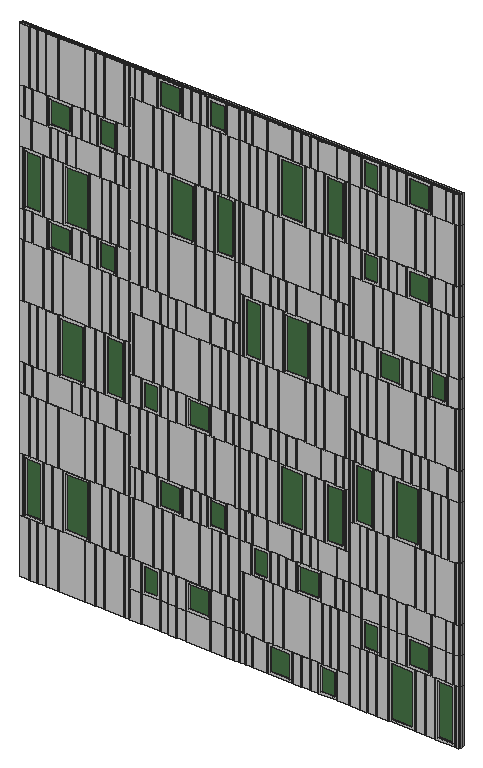
Revit family "SUR-CRV-021_FRANGIA_RFA", category Modelos genéricos, Revit 2022
Family settings
  Puede alojar armadura = No
  Cota de conector redondo = Diámetro de uso
  Tipo de pieza = Normal
  Se basa en plano de trabajo = No
  Siempre vertical = Sí
  Corte con vacíos al cargar = No
  Mantener orientación de anotación = No
  Compartido = No
  Punto de cálculo de habitación = No
Parameters
  Elevación por defecto = 0.00"
Reference planes (in)
  plane 1 "Centro (Frontal/Posterior)": y = 0
  plane 2: z = 0
  plane 3 "Centro (Izquierda/Derecha)": x = 0
Forms (in)
  Extrusion 1, solid, not visible
    sketch origin (0, 0, 0) x (1, 0, 0) y (0, 1, 0)
      loop
        line (0, -0.47244) -> (24, -0.47244) -> (24, 0) -> (0, 0) -> (0, -0.47244)
    from 0 to 12
  Extrusion 2, solid, not visible
    sketch origin (0, -0.47244, 0) x (1, 0, 0) y (0, 1, 0)
      loop
        line (0, 0) -> (0, -0.3937) -> (0.07874, -0.47244) -> (2.25414, -0.47244) -> (2.33288, -0.3937) -> (2.41162, -0.47244) -> (3.93759, -0.47244) -> (4.01633, -0.3937) -> (4.09507, -0.47244) -> (5.83148, -0.47244) -> (5.91022, -0.3937) -> (5.98896, -0.47244) -> (8.49695, -0.47244) -> (8.57569, -0.3937) -> (8.65443, -0.47244) -> (14.31889, -0.47244) -> (14.39763, -0.3937) -> (14.47637, -0.47244) -> (16.5635, -0.47244) -> (16.64224, -0.3937) -> (16.72098, -0.47244) -> (18.59767, -0.47244) -> (18.67641, -0.3937) -> (18.75515, -0.47244) -> (23.00593, -0.47244) -> (23.08467, -0.3937) -> (23.16341, -0.47244) -> (23.92126, -0.47244) -> (24, -0.3937) -> (24, 0) -> (0, 0)
    from 0 to 12
  Extrusion 3, solid, not visible
    sketch origin (0, 0, 0) x (1, 0, 0) y (0, 1, 0)
      loop
        line (0.07874, -0.94488) -> (0.19685, -1.06299) -> (2.13603, -1.06299) -> (2.25414, -0.94488) -> (0.07874, -0.94488)
      loop
        line (2.41162, -0.94488) -> (2.52973, -1.06299) -> (3.81948, -1.06299) -> (3.93759, -0.94488) -> (2.41162, -0.94488)
      loop
        line (4.09507, -0.94488) -> (4.21318, -1.06299) -> (5.71337, -1.06299) -> (5.83148, -0.94488) -> (4.09507, -0.94488)
      loop
        line (5.98896, -0.94488) -> (6.10707, -1.06299) -> (8.37884, -1.06299) -> (8.49695, -0.94488) -> (5.98896, -0.94488)
      loop
        line (8.65443, -0.94488) -> (8.77254, -1.06299) -> (14.20078, -1.06299) -> (14.31889, -0.94488) -> (8.65443, -0.94488)
      loop
        line (14.47637, -0.94488) -> (14.59448, -1.06299) -> (16.44539, -1.06299) -> (16.5635, -0.94488) -> (14.47637, -0.94488)
      loop
        line (16.72098, -0.94488) -> (16.83909, -1.06299) -> (18.47956, -1.06299) -> (18.59767, -0.94488) -> (16.72098, -0.94488)
      loop
        line (18.75515, -0.94488) -> (18.87326, -1.06299) -> (22.88782, -1.06299) -> (23.00593, -0.94488) -> (18.75515, -0.94488)
      loop
        line (23.16341, -0.94488) -> (23.28152, -1.06299) -> (23.80315, -1.06299) -> (23.92126, -0.94488) -> (23.16341, -0.94488)
    from 0 to 12
  Extrusion 4, solid, not visible
    sketch origin (0, 0, 0) x (1, 0, 0) y (0, 1, 0)
      loop
        line (0, -0.47244) -> (24, -0.47244) -> (24, 0) -> (0, 0) -> (0, -0.47244)
    from 0 to 6
  Extrusion 5, solid, not visible
    sketch origin (0, -0.47244, 0) x (1, 0, 0) y (0, 1, 0)
      loop
        line (0, 0) -> (0, -0.3937) -> (0.07874, -0.47244) -> (1.21337, -0.47244) -> (1.29211, -0.3937) -> (1.37085, -0.47244) -> (2.8643, -0.47244) -> (2.94304, -0.3937) -> (3.02178, -0.47244) -> (6.09092, -0.47244) -> (6.16966, -0.3937) -> (6.2484, -0.47244) -> (11.49201, -0.47244) -> (11.57075, -0.3937) -> (11.64949, -0.47244) -> (13.52618, -0.47244) -> (13.60492, -0.3937) -> (13.68366, -0.47244) -> (15.42007, -0.47244) -> (15.49881, -0.3937) -> (15.57755, -0.47244) -> (17.10352, -0.47244) -> (17.18226, -0.3937) -> (17.261, -0.47244) -> (21.24201, -0.47244) -> (21.32075, -0.3937) -> (21.39949, -0.47244) -> (23.92126, -0.47244) -> (24, -0.3937) -> (24, 0) -> (0, 0)
    from 0 to 6
  Extrusion 6, solid, not visible
    sketch origin (0, 0, 0) x (1, 0, 0) y (0, 1, 0)
      loop
        line (0.07874, -0.94488) -> (0.19685, -1.06299) -> (1.09526, -1.06299) -> (1.21337, -0.94488) -> (0.07874, -0.94488)
      loop
        line (1.37085, -0.94488) -> (1.48896, -1.06299) -> (2.74619, -1.06299) -> (2.8643, -0.94488) -> (1.37085, -0.94488)
      loop
        line (3.02178, -0.94488) -> (3.13989, -1.06299) -> (5.97281, -1.06299) -> (6.09092, -0.94488) -> (3.02178, -0.94488)
      loop
        line (6.2484, -0.94488) -> (6.36651, -1.06299) -> (11.3739, -1.06299) -> (11.49201, -0.94488) -> (6.2484, -0.94488)
      loop
        line (11.64949, -0.94488) -> (11.7676, -1.06299) -> (13.40807, -1.06299) -> (13.52618, -0.94488) -> (11.64949, -0.94488)
      loop
        line (13.68366, -0.94488) -> (13.80177, -1.06299) -> (15.30196, -1.06299) -> (15.42007, -0.94488) -> (13.68366, -0.94488)
      loop
        line (15.69566, -1.06299) -> (16.98541, -1.06299) -> (17.10352, -0.94488) -> (15.57755, -0.94488) -> (15.69566, -1.06299)
      loop
        line (17.261, -0.94488) -> (17.37911, -1.06299) -> (21.1239, -1.06299) -> (21.24201, -0.94488) -> (17.261, -0.94488)
      loop
        line (21.5176, -1.06299) -> (23.80315, -1.06299) -> (23.92126, -0.94488) -> (21.39949, -0.94488) -> (21.5176, -1.06299)
    from 0 to 6
  Extrusion 7, solid
    sketch origin (0, 0, 36) x (1, 0, 0) y (0, 1, 0)
      loop
        line (0, -0.47244) -> (24, -0.47244) -> (24, 0) -> (0, 0) -> (0, -0.47244)
    from 0 to 6
  Extrusion 8, solid
    sketch origin (0, -0.47244, 36) x (1, 0, 0) y (0, 1, 0)
      loop
        line (0, 0) -> (0, -0.3937) -> (0.07874, -0.47244) -> (1.21337, -0.47244) -> (1.29211, -0.3937) -> (1.37085, -0.47244) -> (2.8643, -0.47244) -> (2.94304, -0.3937) -> (3.02178, -0.47244) -> (6.09092, -0.47244) -> (6.16966, -0.3937) -> (6.2484, -0.47244) -> (11.49201, -0.47244) -> (11.57075, -0.3937) -> (11.64949, -0.47244) -> (13.52618, -0.47244) -> (13.60492, -0.3937) -> (13.68366, -0.47244) -> (15.42007, -0.47244) -> (15.49881, -0.3937) -> (15.57755, -0.47244) -> (17.10352, -0.47244) -> (17.18226, -0.3937) -> (17.261, -0.47244) -> (21.24201, -0.47244) -> (21.32075, -0.3937) -> (21.39949, -0.47244) -> (23.92126, -0.47244) -> (24, -0.3937) -> (24, 0) -> (0, 0)
    from 0 to 6
  Extrusion 9, solid
    sketch origin (0, 0, 36) x (1, 0, 0) y (0, 1, 0)
      loop
        line (0.07874, -0.94488) -> (0.19685, -1.06299) -> (1.09526, -1.06299) -> (1.21337, -0.94488) -> (0.07874, -0.94488)
      loop
        line (1.37085, -0.94488) -> (1.48896, -1.06299) -> (2.74619, -1.06299) -> (2.8643, -0.94488) -> (1.37085, -0.94488)
      loop
        line (3.02178, -0.94488) -> (3.13989, -1.06299) -> (5.97281, -1.06299) -> (6.09092, -0.94488) -> (3.02178, -0.94488)
      loop
        line (6.2484, -0.94488) -> (6.36651, -1.06299) -> (11.3739, -1.06299) -> (11.49201, -0.94488) -> (6.2484, -0.94488)
      loop
        line (11.64949, -0.94488) -> (11.7676, -1.06299) -> (13.40807, -1.06299) -> (13.52618, -0.94488) -> (11.64949, -0.94488)
      loop
        line (13.68366, -0.94488) -> (13.80177, -1.06299) -> (15.30196, -1.06299) -> (15.42007, -0.94488) -> (13.68366, -0.94488)
      loop
        line (15.69566, -1.06299) -> (16.98541, -1.06299) -> (17.10352, -0.94488) -> (15.57755, -0.94488) -> (15.69566, -1.06299)
      loop
        line (17.261, -0.94488) -> (17.37911, -1.06299) -> (21.1239, -1.06299) -> (21.24201, -0.94488) -> (17.261, -0.94488)
      loop
        line (21.5176, -1.06299) -> (23.80315, -1.06299) -> (23.92126, -0.94488) -> (21.39949, -0.94488) -> (21.5176, -1.06299)
    from 0 to 6
  Extrusion 10, solid, not visible
    sketch origin (0, 0, 0) x (1, 0, 0) y (0, 1, 0)
      loop
        line (0, -0.47244) -> (24, -0.47244) -> (24, 0) -> (0, 0) -> (0, -0.47244)
    from 0 to 12
  Extrusion 11, solid, not visible
    sketch origin (0, -0.47244, 0) x (1, 0, 0) y (0, 1, 0)
      loop
        line (0, 0) -> (0, -0.3937) -> (0.07874, -0.47244) -> (2.25414, -0.47244) -> (2.33288, -0.3937) -> (2.41162, -0.47244) -> (3.93759, -0.47244) -> (4.01633, -0.3937) -> (4.09507, -0.47244) -> (5.83148, -0.47244) -> (5.91022, -0.3937) -> (5.98896, -0.47244) -> (8.49695, -0.47244) -> (8.57569, -0.3937) -> (8.65443, -0.47244) -> (14.31889, -0.47244) -> (14.39763, -0.3937) -> (14.47637, -0.47244) -> (16.5635, -0.47244) -> (16.64224, -0.3937) -> (16.72098, -0.47244) -> (18.59767, -0.47244) -> (18.67641, -0.3937) -> (18.75515, -0.47244) -> (23.00593, -0.47244) -> (23.08467, -0.3937) -> (23.16341, -0.47244) -> (23.92126, -0.47244) -> (24, -0.3937) -> (24, 0) -> (0, 0)
    from 0 to 12
  Extrusion 12, solid, not visible
    sketch origin (0, 0, 0) x (1, 0, 0) y (0, 1, 0)
      loop
        line (0.07874, -0.94488) -> (0.19685, -1.06299) -> (2.13603, -1.06299) -> (2.25414, -0.94488) -> (0.07874, -0.94488)
      loop
        line (2.41162, -0.94488) -> (2.52973, -1.06299) -> (3.81948, -1.06299) -> (3.93759, -0.94488) -> (2.41162, -0.94488)
      loop
        line (4.09507, -0.94488) -> (4.21318, -1.06299) -> (5.71337, -1.06299) -> (5.83148, -0.94488) -> (4.09507, -0.94488)
      loop
        line (5.98896, -0.94488) -> (6.10707, -1.06299) -> (8.37884, -1.06299) -> (8.49695, -0.94488) -> (5.98896, -0.94488)
      loop
        line (14.47637, -0.94488) -> (14.59448, -1.06299) -> (16.44539, -1.06299) -> (16.5635, -0.94488) -> (14.47637, -0.94488)
      loop
        line (16.72098, -0.94488) -> (16.83909, -1.06299) -> (18.47956, -1.06299) -> (18.59767, -0.94488) -> (16.72098, -0.94488)
      loop
        line (23.16341, -0.94488) -> (23.28152, -1.06299) -> (23.80315, -1.06299) -> (23.92126, -0.94488) -> (23.16341, -0.94488)
    from 0 to 12
  Extrusion 13, solid, not visible
    sketch origin (0, 0, 0) x (1, 0, 0) y (0, 1, 0)
      loop
        line (8.65443, -0.94488) -> (8.77254, -1.06299) -> (14.20078, -1.06299) -> (14.31889, -0.94488) -> (8.65443, -0.94488)
      loop
        line (18.75515, -0.94488) -> (18.87326, -1.06299) -> (22.88782, -1.06299) -> (23.00593, -0.94488) -> (18.75515, -0.94488)
    from 0 to 12
  Extrusion 14, void, not visible
    sketch origin (0, 0, 0) x (1, 0, 0) y (0, 0, 1)
      loop
        line (9.15443, 11.5) -> (9.15443, 0.5) -> (13.81889, 0.5) -> (13.81889, 11.5) -> (9.15443, 11.5)
      loop
        line (19.25515, 0.5) -> (22.50593, 0.5) -> (22.50593, 11.5) -> (19.25515, 11.5) -> (19.25515, 0.5)
    from 0.47244 to 1.06299
  Extrusion 15, solid, not visible
    sketch origin (0, 0, 0) x (1, 0, 0) y (0, 1, 0)
      loop
        line (9.15443, -0.47244) -> (9.15443, -0.94488) -> (13.81889, -0.94488) -> (13.81889, -0.47244) -> (9.15443, -0.47244)
      loop
        line (19.25515, -0.47244) -> (19.25515, -0.94488) -> (22.50593, -0.94488) -> (22.50593, -0.47244) -> (19.25515, -0.47244)
    from 0.5 to 11.5
  Extrusion 16, solid, not visible
    sketch origin (0, 0, 0) x (1, 0, 0) y (0, 1, 0)
      loop
        line (0, -0.47244) -> (24, -0.47244) -> (24, 0) -> (0, 0) -> (0, -0.47244)
    from 0 to 6
  Extrusion 17, solid, not visible
    sketch origin (0, -0.47244, 0) x (1, 0, 0) y (0, 1, 0)
      loop
        line (0, 0) -> (0, -0.3937) -> (0.07874, -0.47244) -> (1.21337, -0.47244) -> (1.29211, -0.3937) -> (1.37085, -0.47244) -> (2.8643, -0.47244) -> (2.94304, -0.3937) -> (3.02178, -0.47244) -> (6.09092, -0.47244) -> (6.16966, -0.3937) -> (6.2484, -0.47244) -> (11.49201, -0.47244) -> (11.57075, -0.3937) -> (11.64949, -0.47244) -> (13.52618, -0.47244) -> (13.60492, -0.3937) -> (13.68366, -0.47244) -> (15.42007, -0.47244) -> (15.49881, -0.3937) -> (15.57755, -0.47244) -> (17.10352, -0.47244) -> (17.18226, -0.3937) -> (17.261, -0.47244) -> (21.24201, -0.47244) -> (21.32075, -0.3937) -> (21.39949, -0.47244) -> (23.92126, -0.47244) -> (24, -0.3937) -> (24, 0) -> (0, 0)
    from 0 to 6
  Extrusion 18, solid, not visible
    sketch origin (0, 0, 0) x (1, 0, 0) y (0, 1, 0)
      loop
        line (0.07874, -0.94488) -> (0.19685, -1.06299) -> (1.09526, -1.06299) -> (1.21337, -0.94488) -> (0.07874, -0.94488)
      loop
        line (1.37085, -0.94488) -> (1.48896, -1.06299) -> (2.74619, -1.06299) -> (2.8643, -0.94488) -> (1.37085, -0.94488)
      loop
        line (3.02178, -0.94488) -> (3.13989, -1.06299) -> (5.97281, -1.06299) -> (6.09092, -0.94488) -> (3.02178, -0.94488)
      loop
        line (11.64949, -0.94488) -> (11.7676, -1.06299) -> (13.40807, -1.06299) -> (13.52618, -0.94488) -> (11.64949, -0.94488)
      loop
        line (13.68366, -0.94488) -> (13.80177, -1.06299) -> (15.30196, -1.06299) -> (15.42007, -0.94488) -> (13.68366, -0.94488)
      loop
        line (15.69566, -1.06299) -> (16.98541, -1.06299) -> (17.10352, -0.94488) -> (15.57755, -0.94488) -> (15.69566, -1.06299)
      loop
        line (21.5176, -1.06299) -> (23.80315, -1.06299) -> (23.92126, -0.94488) -> (21.39949, -0.94488) -> (21.5176, -1.06299)
    from 0 to 6
  Extrusion 19, solid, not visible
    sketch origin (0, 0, 0) x (1, 0, 0) y (0, 1, 0)
      loop
        line (6.36651, -1.06299) -> (11.3739, -1.06299) -> (11.49201, -0.94488) -> (6.2484, -0.94488) -> (6.36651, -1.06299)
      loop
        line (17.37911, -1.06299) -> (21.1239, -1.06299) -> (21.24201, -0.94488) -> (17.261, -0.94488) -> (17.37911, -1.06299)
    from 0 to 6
  Extrusion 20, void, not visible
    sketch origin (0, 0, 0) x (1, 0, 0) y (0, 0, 1)
      loop
        line (6.7484, 5.5) -> (6.7484, 0.5) -> (10.99201, 0.5) -> (10.99201, 5.5) -> (6.7484, 5.5)
      loop
        line (17.761, 5.5) -> (17.761, 0.5) -> (20.74201, 0.5) -> (20.74201, 5.5) -> (17.761, 5.5)
    from 0.47244 to 1.06299
  Extrusion 21, solid, not visible
    sketch origin (0, 0, 0) x (1, 0, 0) y (0, 1, 0)
      loop
        line (6.7484, -0.47244) -> (6.7484, -0.94488) -> (10.99201, -0.94488) -> (10.99201, -0.47244) -> (6.7484, -0.47244)
      loop
        line (17.761, -0.47244) -> (17.761, -0.94488) -> (20.74201, -0.94488) -> (20.74201, -0.47244) -> (17.761, -0.47244)
    from 0.5 to 5.5
  Extrusion 22, solid
    sketch origin (-24, 0, 84) x (1, 0, 0) y (0, 1, 0)
      loop
        line (48, -0.47244) -> (48, 0) -> (24, 0) -> (24, -0.47244) -> (48, -0.47244)
    from 0 to 6
  Extrusion 23, solid
    sketch origin (-24, -0.47244, 84) x (1, 0, 0) y (0, 1, 0)
      loop
        line (48, 0) -> (24, 0) -> (24, -0.3937) -> (24.07874, -0.47244) -> (26.60051, -0.47244) -> (26.67925, -0.3937) -> (26.75799, -0.47244) -> (30.739, -0.47244) -> (30.81774, -0.3937) -> (30.89648, -0.47244) -> (32.42245, -0.47244) -> (32.50119, -0.3937) -> (32.57993, -0.47244) -> (34.31634, -0.47244) -> (34.39508, -0.3937) -> (34.47382, -0.47244) -> (36.35051, -0.47244) -> (36.42925, -0.3937) -> (36.50799, -0.47244) -> (41.7516, -0.47244) -> (41.83034, -0.3937) -> (41.90908, -0.47244) -> (44.97822, -0.47244) -> (45.05696, -0.3937) -> (45.1357, -0.47244) -> (46.62915, -0.47244) -> (46.70789, -0.3937) -> (46.78663, -0.47244) -> (47.92126, -0.47244) -> (48, -0.3937) -> (48, 0)
    from 0 to 6
  Extrusion 24, solid
    sketch origin (-24, 0, 84) x (1, 0, 0) y (0, 1, 0)
      loop
        line (47.92126, -0.94488) -> (46.78663, -0.94488) -> (46.90474, -1.06299) -> (47.80315, -1.06299) -> (47.92126, -0.94488)
      loop
        line (46.62915, -0.94488) -> (45.1357, -0.94488) -> (45.25381, -1.06299) -> (46.51104, -1.06299) -> (46.62915, -0.94488)
      loop
        line (44.97822, -0.94488) -> (41.90908, -0.94488) -> (42.02719, -1.06299) -> (44.86011, -1.06299) -> (44.97822, -0.94488)
      loop
        line (41.7516, -0.94488) -> (36.50799, -0.94488) -> (36.6261, -1.06299) -> (41.63349, -1.06299) -> (41.7516, -0.94488)
      loop
        line (36.35051, -0.94488) -> (34.47382, -0.94488) -> (34.59193, -1.06299) -> (36.2324, -1.06299) -> (36.35051, -0.94488)
      loop
        line (34.31634, -0.94488) -> (32.57993, -0.94488) -> (32.69804, -1.06299) -> (34.19823, -1.06299) -> (34.31634, -0.94488)
      loop
        line (32.30434, -1.06299) -> (32.42245, -0.94488) -> (30.89648, -0.94488) -> (31.01459, -1.06299) -> (32.30434, -1.06299)
      loop
        line (30.739, -0.94488) -> (26.75799, -0.94488) -> (26.8761, -1.06299) -> (30.62089, -1.06299) -> (30.739, -0.94488)
      loop
        line (26.4824, -1.06299) -> (26.60051, -0.94488) -> (24.07874, -0.94488) -> (24.19685, -1.06299) -> (26.4824, -1.06299)
    from 0 to 6
  Extrusion 25, solid
    sketch origin (0, 0, 0) x (1, 0, 0) y (0, 1, 0)
      loop
        line (48, -0.47244) -> (48, 0) -> (24, 0) -> (24, -0.47244) -> (48, -0.47244)
    from 0 to 6
  Extrusion 26, solid
    sketch origin (0, -0.47244, 0) x (1, 0, 0) y (0, 1, 0)
      loop
        line (48, 0) -> (24, 0) -> (24, -0.3937) -> (24.07874, -0.47244) -> (26.60051, -0.47244) -> (26.67925, -0.3937) -> (26.75799, -0.47244) -> (30.739, -0.47244) -> (30.81774, -0.3937) -> (30.89648, -0.47244) -> (32.42245, -0.47244) -> (32.50119, -0.3937) -> (32.57993, -0.47244) -> (34.31634, -0.47244) -> (34.39508, -0.3937) -> (34.47382, -0.47244) -> (36.35051, -0.47244) -> (36.42925, -0.3937) -> (36.50799, -0.47244) -> (41.7516, -0.47244) -> (41.83034, -0.3937) -> (41.90908, -0.47244) -> (44.97822, -0.47244) -> (45.05696, -0.3937) -> (45.1357, -0.47244) -> (46.62915, -0.47244) -> (46.70789, -0.3937) -> (46.78663, -0.47244) -> (47.92126, -0.47244) -> (48, -0.3937) -> (48, 0)
    from 0 to 6
  Extrusion 27, solid
    sketch origin (0, 0, 0) x (1, 0, 0) y (0, 1, 0)
      loop
        line (47.92126, -0.94488) -> (46.78663, -0.94488) -> (46.90474, -1.06299) -> (47.80315, -1.06299) -> (47.92126, -0.94488)
      loop
        line (46.62915, -0.94488) -> (45.1357, -0.94488) -> (45.25381, -1.06299) -> (46.51104, -1.06299) -> (46.62915, -0.94488)
      loop
        line (44.97822, -0.94488) -> (41.90908, -0.94488) -> (42.02719, -1.06299) -> (44.86011, -1.06299) -> (44.97822, -0.94488)
      loop
        line (41.7516, -0.94488) -> (36.50799, -0.94488) -> (36.6261, -1.06299) -> (41.63349, -1.06299) -> (41.7516, -0.94488)
      loop
        line (36.35051, -0.94488) -> (34.47382, -0.94488) -> (34.59193, -1.06299) -> (36.2324, -1.06299) -> (36.35051, -0.94488)
      loop
        line (34.31634, -0.94488) -> (32.57993, -0.94488) -> (32.69804, -1.06299) -> (34.19823, -1.06299) -> (34.31634, -0.94488)
      loop
        line (32.30434, -1.06299) -> (32.42245, -0.94488) -> (30.89648, -0.94488) -> (31.01459, -1.06299) -> (32.30434, -1.06299)
      loop
        line (30.739, -0.94488) -> (26.75799, -0.94488) -> (26.8761, -1.06299) -> (30.62089, -1.06299) -> (30.739, -0.94488)
      loop
        line (26.4824, -1.06299) -> (26.60051, -0.94488) -> (24.07874, -0.94488) -> (24.19685, -1.06299) -> (26.4824, -1.06299)
    from 0 to 6
  Extrusion 28, solid
    sketch origin (0, 0, 60) x (1, 0, 0) y (0, 1, 0)
      loop
        line (48, -0.47244) -> (48, 0) -> (24, 0) -> (24, -0.47244) -> (48, -0.47244)
    from 0 to 6
  Extrusion 29, solid
    sketch origin (0, -0.47244, 60) x (1, 0, 0) y (0, 1, 0)
      loop
        line (48, 0) -> (24, 0) -> (24, -0.3937) -> (24.07874, -0.47244) -> (26.60051, -0.47244) -> (26.67925, -0.3937) -> (26.75799, -0.47244) -> (30.739, -0.47244) -> (30.81774, -0.3937) -> (30.89648, -0.47244) -> (32.42245, -0.47244) -> (32.50119, -0.3937) -> (32.57993, -0.47244) -> (34.31634, -0.47244) -> (34.39508, -0.3937) -> (34.47382, -0.47244) -> (36.35051, -0.47244) -> (36.42925, -0.3937) -> (36.50799, -0.47244) -> (41.7516, -0.47244) -> (41.83034, -0.3937) -> (41.90908, -0.47244) -> (44.97822, -0.47244) -> (45.05696, -0.3937) -> (45.1357, -0.47244) -> (46.62915, -0.47244) -> (46.70789, -0.3937) -> (46.78663, -0.47244) -> (47.92126, -0.47244) -> (48, -0.3937) -> (48, 0)
    from 0 to 6
  Extrusion 30, solid
    sketch origin (0, 0, 60) x (1, 0, 0) y (0, 1, 0)
      loop
        line (47.92126, -0.94488) -> (46.78663, -0.94488) -> (46.90474, -1.06299) -> (47.80315, -1.06299) -> (47.92126, -0.94488)
      loop
        line (46.62915, -0.94488) -> (45.1357, -0.94488) -> (45.25381, -1.06299) -> (46.51104, -1.06299) -> (46.62915, -0.94488)
      loop
        line (44.97822, -0.94488) -> (41.90908, -0.94488) -> (42.02719, -1.06299) -> (44.86011, -1.06299) -> (44.97822, -0.94488)
      loop
        line (41.7516, -0.94488) -> (36.50799, -0.94488) -> (36.6261, -1.06299) -> (41.63349, -1.06299) -> (41.7516, -0.94488)
      loop
        line (36.35051, -0.94488) -> (34.47382, -0.94488) -> (34.59193, -1.06299) -> (36.2324, -1.06299) -> (36.35051, -0.94488)
      loop
        line (34.31634, -0.94488) -> (32.57993, -0.94488) -> (32.69804, -1.06299) -> (34.19823, -1.06299) -> (34.31634, -0.94488)
      loop
        line (32.30434, -1.06299) -> (32.42245, -0.94488) -> (30.89648, -0.94488) -> (31.01459, -1.06299) -> (32.30434, -1.06299)
      loop
        line (30.739, -0.94488) -> (26.75799, -0.94488) -> (26.8761, -1.06299) -> (30.62089, -1.06299) -> (30.739, -0.94488)
      loop
        line (26.4824, -1.06299) -> (26.60051, -0.94488) -> (24.07874, -0.94488) -> (24.19685, -1.06299) -> (26.4824, -1.06299)
    from 0 to 6
  Extrusion 31, solid
    sketch origin (48, 0, 24) x (1, 0, 0) y (0, 1, 0)
      loop
        line (0, -0.47244) -> (24, -0.47244) -> (24, 0) -> (0, 0) -> (0, -0.47244)
    from 0 to 6
  Extrusion 32, solid
    sketch origin (48, -0.47244, 24) x (1, 0, 0) y (0, 1, 0)
      loop
        line (0, 0) -> (0, -0.3937) -> (0.07874, -0.47244) -> (1.21337, -0.47244) -> (1.29211, -0.3937) -> (1.37085, -0.47244) -> (2.8643, -0.47244) -> (2.94304, -0.3937) -> (3.02178, -0.47244) -> (6.09092, -0.47244) -> (6.16966, -0.3937) -> (6.2484, -0.47244) -> (11.49201, -0.47244) -> (11.57075, -0.3937) -> (11.64949, -0.47244) -> (13.52618, -0.47244) -> (13.60492, -0.3937) -> (13.68366, -0.47244) -> (15.42007, -0.47244) -> (15.49881, -0.3937) -> (15.57755, -0.47244) -> (17.10352, -0.47244) -> (17.18226, -0.3937) -> (17.261, -0.47244) -> (21.24201, -0.47244) -> (21.32075, -0.3937) -> (21.39949, -0.47244) -> (23.92126, -0.47244) -> (24, -0.3937) -> (24, 0) -> (0, 0)
    from 0 to 6
  Extrusion 33, solid
    sketch origin (48, 0, 24) x (1, 0, 0) y (0, 1, 0)
      loop
        line (0.07874, -0.94488) -> (0.19685, -1.06299) -> (1.09526, -1.06299) -> (1.21337, -0.94488) -> (0.07874, -0.94488)
      loop
        line (1.37085, -0.94488) -> (1.48896, -1.06299) -> (2.74619, -1.06299) -> (2.8643, -0.94488) -> (1.37085, -0.94488)
      loop
        line (3.02178, -0.94488) -> (3.13989, -1.06299) -> (5.97281, -1.06299) -> (6.09092, -0.94488) -> (3.02178, -0.94488)
      loop
        line (6.2484, -0.94488) -> (6.36651, -1.06299) -> (11.3739, -1.06299) -> (11.49201, -0.94488) -> (6.2484, -0.94488)
      loop
        line (11.64949, -0.94488) -> (11.7676, -1.06299) -> (13.40807, -1.06299) -> (13.52618, -0.94488) -> (11.64949, -0.94488)
      loop
        line (13.68366, -0.94488) -> (13.80177, -1.06299) -> (15.30196, -1.06299) -> (15.42007, -0.94488) -> (13.68366, -0.94488)
      loop
        line (15.69566, -1.06299) -> (16.98541, -1.06299) -> (17.10352, -0.94488) -> (15.57755, -0.94488) -> (15.69566, -1.06299)
      loop
        line (17.261, -0.94488) -> (17.37911, -1.06299) -> (21.1239, -1.06299) -> (21.24201, -0.94488) -> (17.261, -0.94488)
      loop
        line (21.5176, -1.06299) -> (23.80315, -1.06299) -> (23.92126, -0.94488) -> (21.39949, -0.94488) -> (21.5176, -1.06299)
    from 0 to 6
  Extrusion 34, solid
    sketch origin (24, 0, 42) x (1, 0, 0) y (0, 1, 0)
      loop
        line (48, -0.47244) -> (48, 0) -> (24, 0) -> (24, -0.47244) -> (48, -0.47244)
    from 0 to 6
  Extrusion 35, solid
    sketch origin (24, -0.47244, 42) x (1, 0, 0) y (0, 1, 0)
      loop
        line (48, 0) -> (24, 0) -> (24, -0.3937) -> (24.07874, -0.47244) -> (26.60051, -0.47244) -> (26.67925, -0.3937) -> (26.75799, -0.47244) -> (30.739, -0.47244) -> (30.81774, -0.3937) -> (30.89648, -0.47244) -> (32.42245, -0.47244) -> (32.50119, -0.3937) -> (32.57993, -0.47244) -> (34.31634, -0.47244) -> (34.39508, -0.3937) -> (34.47382, -0.47244) -> (36.35051, -0.47244) -> (36.42925, -0.3937) -> (36.50799, -0.47244) -> (41.7516, -0.47244) -> (41.83034, -0.3937) -> (41.90908, -0.47244) -> (44.97822, -0.47244) -> (45.05696, -0.3937) -> (45.1357, -0.47244) -> (46.62915, -0.47244) -> (46.70789, -0.3937) -> (46.78663, -0.47244) -> (47.92126, -0.47244) -> (48, -0.3937) -> (48, 0)
    from 0 to 6
  Extrusion 36, solid
    sketch origin (24, 0, 42) x (1, 0, 0) y (0, 1, 0)
      loop
        line (47.92126, -0.94488) -> (46.78663, -0.94488) -> (46.90474, -1.06299) -> (47.80315, -1.06299) -> (47.92126, -0.94488)
      loop
        line (46.62915, -0.94488) -> (45.1357, -0.94488) -> (45.25381, -1.06299) -> (46.51104, -1.06299) -> (46.62915, -0.94488)
      loop
        line (44.97822, -0.94488) -> (41.90908, -0.94488) -> (42.02719, -1.06299) -> (44.86011, -1.06299) -> (44.97822, -0.94488)
      loop
        line (41.7516, -0.94488) -> (36.50799, -0.94488) -> (36.6261, -1.06299) -> (41.63349, -1.06299) -> (41.7516, -0.94488)
      loop
        line (36.35051, -0.94488) -> (34.47382, -0.94488) -> (34.59193, -1.06299) -> (36.2324, -1.06299) -> (36.35051, -0.94488)
      loop
        line (34.31634, -0.94488) -> (32.57993, -0.94488) -> (32.69804, -1.06299) -> (34.19823, -1.06299) -> (34.31634, -0.94488)
      loop
        line (32.30434, -1.06299) -> (32.42245, -0.94488) -> (30.89648, -0.94488) -> (31.01459, -1.06299) -> (32.30434, -1.06299)
      loop
        line (30.739, -0.94488) -> (26.75799, -0.94488) -> (26.8761, -1.06299) -> (30.62089, -1.06299) -> (30.739, -0.94488)
      loop
        line (26.4824, -1.06299) -> (26.60051, -0.94488) -> (24.07874, -0.94488) -> (24.19685, -1.06299) -> (26.4824, -1.06299)
    from 0 to 6
  Extrusion 37, solid
    sketch origin (24, 0, 72) x (1, 0, 0) y (0, 1, 0)
      loop
        line (48, -0.47244) -> (48, 0) -> (24, 0) -> (24, -0.47244) -> (48, -0.47244)
    from 0 to 6
  Extrusion 38, solid
    sketch origin (24, -0.47244, 72) x (1, 0, 0) y (0, 1, 0)
      loop
        line (48, 0) -> (24, 0) -> (24, -0.3937) -> (24.07874, -0.47244) -> (26.60051, -0.47244) -> (26.67925, -0.3937) -> (26.75799, -0.47244) -> (30.739, -0.47244) -> (30.81774, -0.3937) -> (30.89648, -0.47244) -> (32.42245, -0.47244) -> (32.50119, -0.3937) -> (32.57993, -0.47244) -> (34.31634, -0.47244) -> (34.39508, -0.3937) -> (34.47382, -0.47244) -> (36.35051, -0.47244) -> (36.42925, -0.3937) -> (36.50799, -0.47244) -> (41.7516, -0.47244) -> (41.83034, -0.3937) -> (41.90908, -0.47244) -> (44.97822, -0.47244) -> (45.05696, -0.3937) -> (45.1357, -0.47244) -> (46.62915, -0.47244) -> (46.70789, -0.3937) -> (46.78663, -0.47244) -> (47.92126, -0.47244) -> (48, -0.3937) -> (48, 0)
    from 0 to 6
  Extrusion 39, solid
    sketch origin (24, 0, 72) x (1, 0, 0) y (0, 1, 0)
      loop
        line (47.92126, -0.94488) -> (46.78663, -0.94488) -> (46.90474, -1.06299) -> (47.80315, -1.06299) -> (47.92126, -0.94488)
      loop
        line (46.62915, -0.94488) -> (45.1357, -0.94488) -> (45.25381, -1.06299) -> (46.51104, -1.06299) -> (46.62915, -0.94488)
      loop
        line (44.97822, -0.94488) -> (41.90908, -0.94488) -> (42.02719, -1.06299) -> (44.86011, -1.06299) -> (44.97822, -0.94488)
      loop
        line (41.7516, -0.94488) -> (36.50799, -0.94488) -> (36.6261, -1.06299) -> (41.63349, -1.06299) -> (41.7516, -0.94488)
      loop
        line (36.35051, -0.94488) -> (34.47382, -0.94488) -> (34.59193, -1.06299) -> (36.2324, -1.06299) -> (36.35051, -0.94488)
      loop
        line (34.31634, -0.94488) -> (32.57993, -0.94488) -> (32.69804, -1.06299) -> (34.19823, -1.06299) -> (34.31634, -0.94488)
      loop
        line (32.30434, -1.06299) -> (32.42245, -0.94488) -> (30.89648, -0.94488) -> (31.01459, -1.06299) -> (32.30434, -1.06299)
      loop
        line (30.739, -0.94488) -> (26.75799, -0.94488) -> (26.8761, -1.06299) -> (30.62089, -1.06299) -> (30.739, -0.94488)
      loop
        line (26.4824, -1.06299) -> (26.60051, -0.94488) -> (24.07874, -0.94488) -> (24.19685, -1.06299) -> (26.4824, -1.06299)
    from 0 to 6
  Extrusion 40, solid
    sketch origin (48, 0, 102) x (1, 0, 0) y (0, 1, 0)
      loop
        line (0, -0.47244) -> (24, -0.47244) -> (24, 0) -> (0, 0) -> (0, -0.47244)
    from 0 to 6
  Extrusion 41, solid
    sketch origin (48, -0.47244, 102) x (1, 0, 0) y (0, 1, 0)
      loop
        line (0, 0) -> (0, -0.3937) -> (0.07874, -0.47244) -> (1.21337, -0.47244) -> (1.29211, -0.3937) -> (1.37085, -0.47244) -> (2.8643, -0.47244) -> (2.94304, -0.3937) -> (3.02178, -0.47244) -> (6.09092, -0.47244) -> (6.16966, -0.3937) -> (6.2484, -0.47244) -> (11.49201, -0.47244) -> (11.57075, -0.3937) -> (11.64949, -0.47244) -> (13.52618, -0.47244) -> (13.60492, -0.3937) -> (13.68366, -0.47244) -> (15.42007, -0.47244) -> (15.49881, -0.3937) -> (15.57755, -0.47244) -> (17.10352, -0.47244) -> (17.18226, -0.3937) -> (17.261, -0.47244) -> (21.24201, -0.47244) -> (21.32075, -0.3937) -> (21.39949, -0.47244) -> (23.92126, -0.47244) -> (24, -0.3937) -> (24, 0) -> (0, 0)
    from 0 to 6
  Extrusion 42, solid
    sketch origin (48, 0, 102) x (1, 0, 0) y (0, 1, 0)
      loop
        line (0.07874, -0.94488) -> (0.19685, -1.06299) -> (1.09526, -1.06299) -> (1.21337, -0.94488) -> (0.07874, -0.94488)
      loop
        line (1.37085, -0.94488) -> (1.48896, -1.06299) -> (2.74619, -1.06299) -> (2.8643, -0.94488) -> (1.37085, -0.94488)
      loop
        line (3.02178, -0.94488) -> (3.13989, -1.06299) -> (5.97281, -1.06299) -> (6.09092, -0.94488) -> (3.02178, -0.94488)
      loop
        line (6.2484, -0.94488) -> (6.36651, -1.06299) -> (11.3739, -1.06299) -> (11.49201, -0.94488) -> (6.2484, -0.94488)
      loop
        line (11.64949, -0.94488) -> (11.7676, -1.06299) -> (13.40807, -1.06299) -> (13.52618, -0.94488) -> (11.64949, -0.94488)
      loop
        line (13.68366, -0.94488) -> (13.80177, -1.06299) -> (15.30196, -1.06299) -> (15.42007, -0.94488) -> (13.68366, -0.94488)
      loop
        line (15.69566, -1.06299) -> (16.98541, -1.06299) -> (17.10352, -0.94488) -> (15.57755, -0.94488) -> (15.69566, -1.06299)
      loop
        line (17.261, -0.94488) -> (17.37911, -1.06299) -> (21.1239, -1.06299) -> (21.24201, -0.94488) -> (17.261, -0.94488)
      loop
        line (21.5176, -1.06299) -> (23.80315, -1.06299) -> (23.92126, -0.94488) -> (21.39949, -0.94488) -> (21.5176, -1.06299)
    from 0 to 6
  Extrusion 43, solid
    sketch origin (48, 0, 18) x (1, 0, 0) y (0, 1, 0)
      loop
        line (48, -0.47244) -> (48, 0) -> (24, 0) -> (24, -0.47244) -> (48, -0.47244)
    from 0 to 6
  Extrusion 44, solid
    sketch origin (48, -0.47244, 18) x (1, 0, 0) y (0, 1, 0)
      loop
        line (48, 0) -> (24, 0) -> (24, -0.3937) -> (24.07874, -0.47244) -> (26.60051, -0.47244) -> (26.67925, -0.3937) -> (26.75799, -0.47244) -> (30.739, -0.47244) -> (30.81774, -0.3937) -> (30.89648, -0.47244) -> (32.42245, -0.47244) -> (32.50119, -0.3937) -> (32.57993, -0.47244) -> (34.31634, -0.47244) -> (34.39508, -0.3937) -> (34.47382, -0.47244) -> (36.35051, -0.47244) -> (36.42925, -0.3937) -> (36.50799, -0.47244) -> (41.7516, -0.47244) -> (41.83034, -0.3937) -> (41.90908, -0.47244) -> (44.97822, -0.47244) -> (45.05696, -0.3937) -> (45.1357, -0.47244) -> (46.62915, -0.47244) -> (46.70789, -0.3937) -> (46.78663, -0.47244) -> (47.92126, -0.47244) -> (48, -0.3937) -> (48, 0)
    from 0 to 6
  Extrusion 45, solid
    sketch origin (48, 0, 18) x (1, 0, 0) y (0, 1, 0)
      loop
        line (47.92126, -0.94488) -> (46.78663, -0.94488) -> (46.90474, -1.06299) -> (47.80315, -1.06299) -> (47.92126, -0.94488)
      loop
        line (46.62915, -0.94488) -> (45.1357, -0.94488) -> (45.25381, -1.06299) -> (46.51104, -1.06299) -> (46.62915, -0.94488)
      loop
        line (44.97822, -0.94488) -> (41.90908, -0.94488) -> (42.02719, -1.06299) -> (44.86011, -1.06299) -> (44.97822, -0.94488)
      loop
        line (41.7516, -0.94488) -> (36.50799, -0.94488) -> (36.6261, -1.06299) -> (41.63349, -1.06299) -> (41.7516, -0.94488)
      loop
        line (36.35051, -0.94488) -> (34.47382, -0.94488) -> (34.59193, -1.06299) -> (36.2324, -1.06299) -> (36.35051, -0.94488)
      loop
        line (34.31634, -0.94488) -> (32.57993, -0.94488) -> (32.69804, -1.06299) -> (34.19823, -1.06299) -> (34.31634, -0.94488)
      loop
        line (32.30434, -1.06299) -> (32.42245, -0.94488) -> (30.89648, -0.94488) -> (31.01459, -1.06299) -> (32.30434, -1.06299)
      loop
        line (30.739, -0.94488) -> (26.75799, -0.94488) -> (26.8761, -1.06299) -> (30.62089, -1.06299) -> (30.739, -0.94488)
      loop
        line (26.4824, -1.06299) -> (26.60051, -0.94488) -> (24.07874, -0.94488) -> (24.19685, -1.06299) -> (26.4824, -1.06299)
    from 0 to 6
  Extrusion 46, solid
    sketch origin (72, 0, 48) x (1, 0, 0) y (0, 1, 0)
      loop
        line (0, -0.47244) -> (24, -0.47244) -> (24, 0) -> (0, 0) -> (0, -0.47244)
    from 0 to 6
  Extrusion 47, solid
    sketch origin (72, -0.47244, 48) x (1, 0, 0) y (0, 1, 0)
      loop
        line (0, 0) -> (0, -0.3937) -> (0.07874, -0.47244) -> (1.21337, -0.47244) -> (1.29211, -0.3937) -> (1.37085, -0.47244) -> (2.8643, -0.47244) -> (2.94304, -0.3937) -> (3.02178, -0.47244) -> (6.09092, -0.47244) -> (6.16966, -0.3937) -> (6.2484, -0.47244) -> (11.49201, -0.47244) -> (11.57075, -0.3937) -> (11.64949, -0.47244) -> (13.52618, -0.47244) -> (13.60492, -0.3937) -> (13.68366, -0.47244) -> (15.42007, -0.47244) -> (15.49881, -0.3937) -> (15.57755, -0.47244) -> (17.10352, -0.47244) -> (17.18226, -0.3937) -> (17.261, -0.47244) -> (21.24201, -0.47244) -> (21.32075, -0.3937) -> (21.39949, -0.47244) -> (23.92126, -0.47244) -> (24, -0.3937) -> (24, 0) -> (0, 0)
    from 0 to 6
  Extrusion 48, solid
    sketch origin (72, 0, 48) x (1, 0, 0) y (0, 1, 0)
      loop
        line (0.07874, -0.94488) -> (0.19685, -1.06299) -> (1.09526, -1.06299) -> (1.21337, -0.94488) -> (0.07874, -0.94488)
      loop
        line (1.37085, -0.94488) -> (1.48896, -1.06299) -> (2.74619, -1.06299) -> (2.8643, -0.94488) -> (1.37085, -0.94488)
      loop
        line (3.02178, -0.94488) -> (3.13989, -1.06299) -> (5.97281, -1.06299) -> (6.09092, -0.94488) -> (3.02178, -0.94488)
      loop
        line (6.2484, -0.94488) -> (6.36651, -1.06299) -> (11.3739, -1.06299) -> (11.49201, -0.94488) -> (6.2484, -0.94488)
      loop
        line (11.64949, -0.94488) -> (11.7676, -1.06299) -> (13.40807, -1.06299) -> (13.52618, -0.94488) -> (11.64949, -0.94488)
      loop
        line (13.68366, -0.94488) -> (13.80177, -1.06299) -> (15.30196, -1.06299) -> (15.42007, -0.94488) -> (13.68366, -0.94488)
      loop
        line (15.69566, -1.06299) -> (16.98541, -1.06299) -> (17.10352, -0.94488) -> (15.57755, -0.94488) -> (15.69566, -1.06299)
      loop
        line (17.261, -0.94488) -> (17.37911, -1.06299) -> (21.1239, -1.06299) -> (21.24201, -0.94488) -> (17.261, -0.94488)
      loop
        line (21.5176, -1.06299) -> (23.80315, -1.06299) -> (23.92126, -0.94488) -> (21.39949, -0.94488) -> (21.5176, -1.06299)
    from 0 to 6
Dimensions and locks (in)
  aligned and locked: level to plane 2
Nested families (in)
  nested 1: "SUR-CRV-021_A_RFA" at (0, 0, 0), type "SUR-CRV-021_A_RFA"
  nested 2: "SUR-CRV-021_C_RFA" at (23.80315, 0, 12) x (-1, 0, 0) z (0, 0, 1), type "SUR-CRV-021_C_RFA"
  nested 3: "SUR-CRV-021_A_RFA" at (0, 0, 24), type "SUR-CRV-021_A_RFA"
  nested 4: "SUR-CRV-021_C_RFA" at (0.19685, 0, 42), type "SUR-CRV-021_C_RFA"
  nested 5: "SUR-CRV-021_D_RFA" at (0, 0, 66), type "SUR-CRV-021_D_RFA"
  nested 6: "SUR-CRV-021_C_RFA" at (23.80315, 0, 72) x (-1, 0, 0) z (0, 0, 1), type "SUR-CRV-021_C_RFA"
  nested 7: "SUR-CRV-021_D_RFA" at (0, 0, 90), type "SUR-CRV-021_D_RFA"
  nested 8: "SUR-CRV-021_A_RFA" at (24, 0, 54) x (-1, 0, 0) z (0, 0, 1), type "SUR-CRV-021_A_RFA"
  nested 9: "SUR-CRV-021_A_RFA" at (0, 0, 96), type "SUR-CRV-021_A_RFA"
  nested 10: "SUR-CRV-021_D_RFA" at (48, 0, 6) x (-1, 0, 0) z (0, 0, 1), type "SUR-CRV-021_D_RFA"
  nested 11: "SUR-CRV-021_A_RFA" at (48, 0, 12) x (-1, 0, 0) z (0, 0, 1), type "SUR-CRV-021_A_RFA"
  nested 12: "SUR-CRV-021_D_RFA" at (24, 0, 24), type "SUR-CRV-021_D_RFA"
  nested 13: "SUR-CRV-021_A_RFA" at (24, 0, 30), type "SUR-CRV-021_A_RFA"
  nested 14: "SUR-CRV-021_D_RFA" at (48, 0, 42) x (-1, 0, 0) z (0, 0, 1), type "SUR-CRV-021_D_RFA"
  nested 15: "SUR-CRV-021_A_RFA" at (48, 0, 48) x (-1, 0, 0) z (0, 0, 1), type "SUR-CRV-021_A_RFA"
  nested 16: "SUR-CRV-021_A_RFA" at (24, 0, 66), type "SUR-CRV-021_A_RFA"
  nested 17: "SUR-CRV-021_C_RFA" at (24.19685, 0, 78), type "SUR-CRV-021_C_RFA"
  nested 18: "SUR-CRV-021_A_RFA" at (48, 0, 90) x (-1, 0, 0) z (0, 0, 1), type "SUR-CRV-021_A_RFA"
  nested 19: "SUR-CRV-021_D_RFA" at (24, 0, 102), type "SUR-CRV-021_D_RFA"
  nested 20: "SUR-CRV-021_D_RFA" at (48, 0, 0), type "SUR-CRV-021_D_RFA"
  nested 21: "SUR-CRV-021_A_RFA" at (72, 0, 6) x (-1, 0, 0) z (0, 0, 1), type "SUR-CRV-021_A_RFA"
  nested 22: "SUR-CRV-021_D_RFA" at (72, 0, 18) x (-1, 0, 0) z (0, 0, 1), type "SUR-CRV-021_D_RFA"
  nested 23: "SUR-CRV-021_C_RFA" at (48.19685, 0, 30), type "SUR-CRV-021_C_RFA"
  nested 24: "SUR-CRV-021_A_RFA" at (48, 0, 48), type "SUR-CRV-021_A_RFA"
  nested 25: "SUR-CRV-021_C_RFA" at (71.80315, 0, 60) x (-1, 0, 0) z (0, 0, 1), type "SUR-CRV-021_C_RFA"
  nested 26: "SUR-CRV-021_A_RFA" at (72, 0, 78) x (-1, 0, 0) z (0, 0, 1), type "SUR-CRV-021_A_RFA"
  nested 27: "SUR-CRV-021_C_RFA" at (48.19685, 0, 90), type "SUR-CRV-021_C_RFA"
  nested 28: "SUR-CRV-021_C_RFA" at (72.19685, 0, 0), type "SUR-CRV-021_C_RFA"
  nested 29: "SUR-CRV-021_D_RFA" at (96, 0, 12) x (-1, 0, 0) z (0, 0, 1), type "SUR-CRV-021_D_RFA"
  nested 30: "SUR-CRV-021_A_RFA" at (72, 0, 24), type "SUR-CRV-021_A_RFA"
  nested 31: "SUR-CRV-021_C_RFA" at (95.80315, 0, 36) x (-1, 0, 0) z (0, 0, 1), type "SUR-CRV-021_C_RFA"
  nested 32: "SUR-CRV-021_A_RFA" at (72, 0, 54), type "SUR-CRV-021_A_RFA"
  nested 33: "SUR-CRV-021_D_RFA" at (72, 0, 66), type "SUR-CRV-021_D_RFA"
  nested 34: "SUR-CRV-021_A_RFA" at (96, 0, 72) x (-1, 0, 0) z (0, 0, 1), type "SUR-CRV-021_A_RFA"
  nested 35: "SUR-CRV-021_D_RFA" at (96, 0, 84) x (-1, 0, 0) z (0, 0, 1), type "SUR-CRV-021_D_RFA"
  nested 36: "SUR-CRV-021_A_RFA" at (72, 0, 90), type "SUR-CRV-021_A_RFA"
  nested 37: "SUR-CRV-021_D_RFA" at (96, 0, 102) x (-1, 0, 0) z (0, 0, 1), type "SUR-CRV-021_D_RFA"
Definition of nested family "SUR-CRV-021_A_RFA"
  Parameters
    Default Elevation = 0.00"
  Reference planes (in)
    plane 1 "Centro (Frontal/Posterior)": y = 0
    plane 2: z = 0
    plane 3 "Centro (Izquierda/Derecha)": x = 0
  Forms (in)
    Extrusion 1, solid
      sketch origin (0, 0, 0) x (1, 0, 0) y (0, 1, 0)
        loop
          line (0, -0.47244) -> (24, -0.47244) -> (24, 0) -> (0, 0) -> (0, -0.47244)
      from 0 to 12
    Extrusion 2, solid
      sketch origin (0, -0.47244, 0) x (1, 0, 0) y (0, 1, 0)
        loop
          line (0, 0) -> (0, -0.3937) -> (0.07874, -0.47244) -> (2.25414, -0.47244) -> (2.33288, -0.3937) -> (2.41162, -0.47244) -> (3.93759, -0.47244) -> (4.01633, -0.3937) -> (4.09507, -0.47244) -> (5.83148, -0.47244) -> (5.91022, -0.3937) -> (5.98896, -0.47244) -> (8.49695, -0.47244) -> (8.57569, -0.3937) -> (8.65443, -0.47244) -> (14.31889, -0.47244) -> (14.39763, -0.3937) -> (14.47637, -0.47244) -> (16.5635, -0.47244) -> (16.64224, -0.3937) -> (16.72098, -0.47244) -> (18.59767, -0.47244) -> (18.67641, -0.3937) -> (18.75515, -0.47244) -> (23.00593, -0.47244) -> (23.08467, -0.3937) -> (23.16341, -0.47244) -> (23.92126, -0.47244) -> (24, -0.3937) -> (24, 0) -> (0, 0)
      from 0 to 12
    Extrusion 3, solid
      sketch origin (0, 0, 0) x (1, 0, 0) y (0, 1, 0)
        loop
          line (0.07874, -0.94488) -> (0.19685, -1.06299) -> (2.13603, -1.06299) -> (2.25414, -0.94488) -> (0.07874, -0.94488)
        loop
          line (2.41162, -0.94488) -> (2.52973, -1.06299) -> (3.81948, -1.06299) -> (3.93759, -0.94488) -> (2.41162, -0.94488)
        loop
          line (4.09507, -0.94488) -> (4.21318, -1.06299) -> (5.71337, -1.06299) -> (5.83148, -0.94488) -> (4.09507, -0.94488)
        loop
          line (5.98896, -0.94488) -> (6.10707, -1.06299) -> (8.37884, -1.06299) -> (8.49695, -0.94488) -> (5.98896, -0.94488)
        loop
          line (8.65443, -0.94488) -> (8.77254, -1.06299) -> (14.20078, -1.06299) -> (14.31889, -0.94488) -> (8.65443, -0.94488)
        loop
          line (14.47637, -0.94488) -> (14.59448, -1.06299) -> (16.44539, -1.06299) -> (16.5635, -0.94488) -> (14.47637, -0.94488)
        loop
          line (16.72098, -0.94488) -> (16.83909, -1.06299) -> (18.47956, -1.06299) -> (18.59767, -0.94488) -> (16.72098, -0.94488)
        loop
          line (18.75515, -0.94488) -> (18.87326, -1.06299) -> (22.88782, -1.06299) -> (23.00593, -0.94488) -> (18.75515, -0.94488)
        loop
          line (23.16341, -0.94488) -> (23.28152, -1.06299) -> (23.80315, -1.06299) -> (23.92126, -0.94488) -> (23.16341, -0.94488)
      from 0 to 12
    Extrusion 4, solid, not visible
      sketch origin (0, 0, 0) x (1, 0, 0) y (0, 1, 0)
        loop
          line (0, -0.47244) -> (24, -0.47244) -> (24, 0) -> (0, 0) -> (0, -0.47244)
      from 0 to 12
    Extrusion 5, solid, not visible
      sketch origin (0, -0.47244, 0) x (1, 0, 0) y (0, 1, 0)
        loop
          line (0, 0) -> (0, -0.3937) -> (0.07874, -0.47244) -> (2.25414, -0.47244) -> (2.33288, -0.3937) -> (2.41162, -0.47244) -> (3.93759, -0.47244) -> (4.01633, -0.3937) -> (4.09507, -0.47244) -> (5.83148, -0.47244) -> (5.91022, -0.3937) -> (5.98896, -0.47244) -> (8.49695, -0.47244) -> (8.57569, -0.3937) -> (8.65443, -0.47244) -> (14.31889, -0.47244) -> (14.39763, -0.3937) -> (14.47637, -0.47244) -> (16.5635, -0.47244) -> (16.64224, -0.3937) -> (16.72098, -0.47244) -> (18.59767, -0.47244) -> (18.67641, -0.3937) -> (18.75515, -0.47244) -> (23.00593, -0.47244) -> (23.08467, -0.3937) -> (23.16341, -0.47244) -> (23.92126, -0.47244) -> (24, -0.3937) -> (24, 0) -> (0, 0)
      from 0 to 12
    Extrusion 6, solid, not visible
      sketch origin (0, 0, 0) x (1, 0, 0) y (0, 1, 0)
        loop
          line (0.07874, -0.94488) -> (0.19685, -1.06299) -> (2.13603, -1.06299) -> (2.25414, -0.94488) -> (0.07874, -0.94488)
        loop
          line (2.41162, -0.94488) -> (2.52973, -1.06299) -> (3.81948, -1.06299) -> (3.93759, -0.94488) -> (2.41162, -0.94488)
        loop
          line (4.09507, -0.94488) -> (4.21318, -1.06299) -> (5.71337, -1.06299) -> (5.83148, -0.94488) -> (4.09507, -0.94488)
        loop
          line (5.98896, -0.94488) -> (6.10707, -1.06299) -> (8.37884, -1.06299) -> (8.49695, -0.94488) -> (5.98896, -0.94488)
        loop
          line (8.65443, -0.94488) -> (8.77254, -1.06299) -> (14.20078, -1.06299) -> (14.31889, -0.94488) -> (8.65443, -0.94488)
        loop
          line (14.47637, -0.94488) -> (14.59448, -1.06299) -> (16.44539, -1.06299) -> (16.5635, -0.94488) -> (14.47637, -0.94488)
        loop
          line (16.72098, -0.94488) -> (16.83909, -1.06299) -> (18.47956, -1.06299) -> (18.59767, -0.94488) -> (16.72098, -0.94488)
        loop
          line (18.75515, -0.94488) -> (18.87326, -1.06299) -> (22.88782, -1.06299) -> (23.00593, -0.94488) -> (18.75515, -0.94488)
        loop
          line (23.16341, -0.94488) -> (23.28152, -1.06299) -> (23.80315, -1.06299) -> (23.92126, -0.94488) -> (23.16341, -0.94488)
      from 0 to 12
    Extrusion 7, solid, not visible
      sketch origin (0, 0, 0) x (1, 0, 0) y (0, 1, 0)
        loop
          line (0, -0.47244) -> (24, -0.47244) -> (24, 0) -> (0, 0) -> (0, -0.47244)
      from 0 to 6
    Extrusion 8, solid, not visible
      sketch origin (0, -0.47244, 0) x (1, 0, 0) y (0, 1, 0)
        loop
          line (0, 0) -> (0, -0.3937) -> (0.07874, -0.47244) -> (1.21337, -0.47244) -> (1.29211, -0.3937) -> (1.37085, -0.47244) -> (2.8643, -0.47244) -> (2.94304, -0.3937) -> (3.02178, -0.47244) -> (6.09092, -0.47244) -> (6.16966, -0.3937) -> (6.2484, -0.47244) -> (11.49201, -0.47244) -> (11.57075, -0.3937) -> (11.64949, -0.47244) -> (13.52618, -0.47244) -> (13.60492, -0.3937) -> (13.68366, -0.47244) -> (15.42007, -0.47244) -> (15.49881, -0.3937) -> (15.57755, -0.47244) -> (17.10352, -0.47244) -> (17.18226, -0.3937) -> (17.261, -0.47244) -> (21.24201, -0.47244) -> (21.32075, -0.3937) -> (21.39949, -0.47244) -> (23.92126, -0.47244) -> (24, -0.3937) -> (24, 0) -> (0, 0)
      from 0 to 6
    Extrusion 9, solid, not visible
      sketch origin (0, 0, 0) x (1, 0, 0) y (0, 1, 0)
        loop
          line (0.07874, -0.94488) -> (0.19685, -1.06299) -> (1.09526, -1.06299) -> (1.21337, -0.94488) -> (0.07874, -0.94488)
        loop
          line (1.37085, -0.94488) -> (1.48896, -1.06299) -> (2.74619, -1.06299) -> (2.8643, -0.94488) -> (1.37085, -0.94488)
        loop
          line (3.02178, -0.94488) -> (3.13989, -1.06299) -> (5.97281, -1.06299) -> (6.09092, -0.94488) -> (3.02178, -0.94488)
        loop
          line (6.2484, -0.94488) -> (6.36651, -1.06299) -> (11.3739, -1.06299) -> (11.49201, -0.94488) -> (6.2484, -0.94488)
        loop
          line (11.64949, -0.94488) -> (11.7676, -1.06299) -> (13.40807, -1.06299) -> (13.52618, -0.94488) -> (11.64949, -0.94488)
        loop
          line (13.68366, -0.94488) -> (13.80177, -1.06299) -> (15.30196, -1.06299) -> (15.42007, -0.94488) -> (13.68366, -0.94488)
        loop
          line (15.69566, -1.06299) -> (16.98541, -1.06299) -> (17.10352, -0.94488) -> (15.57755, -0.94488) -> (15.69566, -1.06299)
        loop
          line (17.261, -0.94488) -> (17.37911, -1.06299) -> (21.1239, -1.06299) -> (21.24201, -0.94488) -> (17.261, -0.94488)
        loop
          line (21.5176, -1.06299) -> (23.80315, -1.06299) -> (23.92126, -0.94488) -> (21.39949, -0.94488) -> (21.5176, -1.06299)
      from 0 to 6
    Extrusion 10, solid, not visible
      sketch origin (0, 0, 0) x (1, 0, 0) y (0, 1, 0)
        loop
          line (0, -0.47244) -> (24, -0.47244) -> (24, 0) -> (0, 0) -> (0, -0.47244)
      from 0 to 12
    Extrusion 11, solid, not visible
      sketch origin (0, -0.47244, 0) x (1, 0, 0) y (0, 1, 0)
        loop
          line (0, 0) -> (0, -0.3937) -> (0.07874, -0.47244) -> (2.25414, -0.47244) -> (2.33288, -0.3937) -> (2.41162, -0.47244) -> (3.93759, -0.47244) -> (4.01633, -0.3937) -> (4.09507, -0.47244) -> (5.83148, -0.47244) -> (5.91022, -0.3937) -> (5.98896, -0.47244) -> (8.49695, -0.47244) -> (8.57569, -0.3937) -> (8.65443, -0.47244) -> (14.31889, -0.47244) -> (14.39763, -0.3937) -> (14.47637, -0.47244) -> (16.5635, -0.47244) -> (16.64224, -0.3937) -> (16.72098, -0.47244) -> (18.59767, -0.47244) -> (18.67641, -0.3937) -> (18.75515, -0.47244) -> (23.00593, -0.47244) -> (23.08467, -0.3937) -> (23.16341, -0.47244) -> (23.92126, -0.47244) -> (24, -0.3937) -> (24, 0) -> (0, 0)
      from 0 to 12
    Extrusion 12, solid, not visible
      sketch origin (0, 0, 0) x (1, 0, 0) y (0, 1, 0)
        loop
          line (0.07874, -0.94488) -> (0.19685, -1.06299) -> (2.13603, -1.06299) -> (2.25414, -0.94488) -> (0.07874, -0.94488)
        loop
          line (2.41162, -0.94488) -> (2.52973, -1.06299) -> (3.81948, -1.06299) -> (3.93759, -0.94488) -> (2.41162, -0.94488)
        loop
          line (4.09507, -0.94488) -> (4.21318, -1.06299) -> (5.71337, -1.06299) -> (5.83148, -0.94488) -> (4.09507, -0.94488)
        loop
          line (5.98896, -0.94488) -> (6.10707, -1.06299) -> (8.37884, -1.06299) -> (8.49695, -0.94488) -> (5.98896, -0.94488)
        loop
          line (14.47637, -0.94488) -> (14.59448, -1.06299) -> (16.44539, -1.06299) -> (16.5635, -0.94488) -> (14.47637, -0.94488)
        loop
          line (16.72098, -0.94488) -> (16.83909, -1.06299) -> (18.47956, -1.06299) -> (18.59767, -0.94488) -> (16.72098, -0.94488)
        loop
          line (23.16341, -0.94488) -> (23.28152, -1.06299) -> (23.80315, -1.06299) -> (23.92126, -0.94488) -> (23.16341, -0.94488)
      from 0 to 12
    Extrusion 13, solid, not visible
      sketch origin (0, 0, 0) x (1, 0, 0) y (0, 1, 0)
        loop
          line (8.65443, -0.94488) -> (8.77254, -1.06299) -> (14.20078, -1.06299) -> (14.31889, -0.94488) -> (8.65443, -0.94488)
        loop
          line (18.75515, -0.94488) -> (18.87326, -1.06299) -> (22.88782, -1.06299) -> (23.00593, -0.94488) -> (18.75515, -0.94488)
      from 0 to 12
    Extrusion 14, void, not visible
      sketch origin (0, 0, 0) x (1, 0, 0) y (0, 0, 1)
        loop
          line (9.15443, 11.5) -> (9.15443, 0.5) -> (13.81889, 0.5) -> (13.81889, 11.5) -> (9.15443, 11.5)
        loop
          line (19.25515, 0.5) -> (22.50593, 0.5) -> (22.50593, 11.5) -> (19.25515, 11.5) -> (19.25515, 0.5)
      from 0.47244 to 1.06299
    Extrusion 15, solid, not visible
      sketch origin (0, 0, 0) x (1, 0, 0) y (0, 1, 0)
        loop
          line (9.15443, -0.47244) -> (9.15443, -0.94488) -> (13.81889, -0.94488) -> (13.81889, -0.47244) -> (9.15443, -0.47244)
        loop
          line (19.25515, -0.47244) -> (19.25515, -0.94488) -> (22.50593, -0.94488) -> (22.50593, -0.47244) -> (19.25515, -0.47244)
      from 0.5 to 11.5
    Extrusion 16, solid, not visible
      sketch origin (0, 0, 0) x (1, 0, 0) y (0, 1, 0)
        loop
          line (0, -0.47244) -> (24, -0.47244) -> (24, 0) -> (0, 0) -> (0, -0.47244)
      from 0 to 6
    Extrusion 17, solid, not visible
      sketch origin (0, -0.47244, 0) x (1, 0, 0) y (0, 1, 0)
        loop
          line (0, 0) -> (0, -0.3937) -> (0.07874, -0.47244) -> (1.21337, -0.47244) -> (1.29211, -0.3937) -> (1.37085, -0.47244) -> (2.8643, -0.47244) -> (2.94304, -0.3937) -> (3.02178, -0.47244) -> (6.09092, -0.47244) -> (6.16966, -0.3937) -> (6.2484, -0.47244) -> (11.49201, -0.47244) -> (11.57075, -0.3937) -> (11.64949, -0.47244) -> (13.52618, -0.47244) -> (13.60492, -0.3937) -> (13.68366, -0.47244) -> (15.42007, -0.47244) -> (15.49881, -0.3937) -> (15.57755, -0.47244) -> (17.10352, -0.47244) -> (17.18226, -0.3937) -> (17.261, -0.47244) -> (21.24201, -0.47244) -> (21.32075, -0.3937) -> (21.39949, -0.47244) -> (23.92126, -0.47244) -> (24, -0.3937) -> (24, 0) -> (0, 0)
      from 0 to 6
    Extrusion 18, solid, not visible
      sketch origin (0, 0, 0) x (1, 0, 0) y (0, 1, 0)
        loop
          line (0.07874, -0.94488) -> (0.19685, -1.06299) -> (1.09526, -1.06299) -> (1.21337, -0.94488) -> (0.07874, -0.94488)
        loop
          line (1.37085, -0.94488) -> (1.48896, -1.06299) -> (2.74619, -1.06299) -> (2.8643, -0.94488) -> (1.37085, -0.94488)
        loop
          line (3.02178, -0.94488) -> (3.13989, -1.06299) -> (5.97281, -1.06299) -> (6.09092, -0.94488) -> (3.02178, -0.94488)
        loop
          line (11.64949, -0.94488) -> (11.7676, -1.06299) -> (13.40807, -1.06299) -> (13.52618, -0.94488) -> (11.64949, -0.94488)
        loop
          line (13.68366, -0.94488) -> (13.80177, -1.06299) -> (15.30196, -1.06299) -> (15.42007, -0.94488) -> (13.68366, -0.94488)
        loop
          line (15.69566, -1.06299) -> (16.98541, -1.06299) -> (17.10352, -0.94488) -> (15.57755, -0.94488) -> (15.69566, -1.06299)
        loop
          line (21.5176, -1.06299) -> (23.80315, -1.06299) -> (23.92126, -0.94488) -> (21.39949, -0.94488) -> (21.5176, -1.06299)
      from 0 to 6
    Extrusion 19, solid, not visible
      sketch origin (0, 0, 0) x (1, 0, 0) y (0, 1, 0)
        loop
          line (6.36651, -1.06299) -> (11.3739, -1.06299) -> (11.49201, -0.94488) -> (6.2484, -0.94488) -> (6.36651, -1.06299)
        loop
          line (17.37911, -1.06299) -> (21.1239, -1.06299) -> (21.24201, -0.94488) -> (17.261, -0.94488) -> (17.37911, -1.06299)
      from 0 to 6
    Extrusion 20, void, not visible
      sketch origin (0, 0, 0) x (1, 0, 0) y (0, 0, 1)
        loop
          line (6.7484, 5.5) -> (6.7484, 0.5) -> (10.99201, 0.5) -> (10.99201, 5.5) -> (6.7484, 5.5)
        loop
          line (17.761, 5.5) -> (17.761, 0.5) -> (20.74201, 0.5) -> (20.74201, 5.5) -> (17.761, 5.5)
      from 0.47244 to 1.06299
    Extrusion 21, solid, not visible
      sketch origin (0, 0, 0) x (1, 0, 0) y (0, 1, 0)
        loop
          line (6.7484, -0.47244) -> (6.7484, -0.94488) -> (10.99201, -0.94488) -> (10.99201, -0.47244) -> (6.7484, -0.47244)
        loop
          line (17.761, -0.47244) -> (17.761, -0.94488) -> (20.74201, -0.94488) -> (20.74201, -0.47244) -> (17.761, -0.47244)
      from 0.5 to 5.5
  Dimensions and locks (in)
    aligned and locked: level to plane 2
Definition of nested family "SUR-CRV-021_C_RFA"
  Parameters
    Default Elevation = 0.00"
  Reference planes (in)
    plane 1 "Centro (Frontal/Posterior)": y = 0
    plane 2: z = 0
    plane 3 "Centro (Izquierda/Derecha)": x = 0
  Forms (in)
    Extrusion 1, solid, not visible
      sketch origin (0, 0, 0) x (1, 0, 0) y (0, 1, 0)
        loop
          line (0, -0.47244) -> (24, -0.47244) -> (24, 0) -> (0, 0) -> (0, -0.47244)
      from 0 to 12
    Extrusion 2, solid, not visible
      sketch origin (0, -0.47244, 0) x (1, 0, 0) y (0, 1, 0)
        loop
          line (0, 0) -> (0, -0.3937) -> (0.07874, -0.47244) -> (2.25414, -0.47244) -> (2.33288, -0.3937) -> (2.41162, -0.47244) -> (3.93759, -0.47244) -> (4.01633, -0.3937) -> (4.09507, -0.47244) -> (5.83148, -0.47244) -> (5.91022, -0.3937) -> (5.98896, -0.47244) -> (8.49695, -0.47244) -> (8.57569, -0.3937) -> (8.65443, -0.47244) -> (14.31889, -0.47244) -> (14.39763, -0.3937) -> (14.47637, -0.47244) -> (16.5635, -0.47244) -> (16.64224, -0.3937) -> (16.72098, -0.47244) -> (18.59767, -0.47244) -> (18.67641, -0.3937) -> (18.75515, -0.47244) -> (23.00593, -0.47244) -> (23.08467, -0.3937) -> (23.16341, -0.47244) -> (23.92126, -0.47244) -> (24, -0.3937) -> (24, 0) -> (0, 0)
      from 0 to 12
    Extrusion 3, solid, not visible
      sketch origin (0, 0, 0) x (1, 0, 0) y (0, 1, 0)
        loop
          line (0.07874, -0.94488) -> (0.19685, -1.06299) -> (2.13603, -1.06299) -> (2.25414, -0.94488) -> (0.07874, -0.94488)
        loop
          line (2.41162, -0.94488) -> (2.52973, -1.06299) -> (3.81948, -1.06299) -> (3.93759, -0.94488) -> (2.41162, -0.94488)
        loop
          line (4.09507, -0.94488) -> (4.21318, -1.06299) -> (5.71337, -1.06299) -> (5.83148, -0.94488) -> (4.09507, -0.94488)
        loop
          line (5.98896, -0.94488) -> (6.10707, -1.06299) -> (8.37884, -1.06299) -> (8.49695, -0.94488) -> (5.98896, -0.94488)
        loop
          line (8.65443, -0.94488) -> (8.77254, -1.06299) -> (14.20078, -1.06299) -> (14.31889, -0.94488) -> (8.65443, -0.94488)
        loop
          line (14.47637, -0.94488) -> (14.59448, -1.06299) -> (16.44539, -1.06299) -> (16.5635, -0.94488) -> (14.47637, -0.94488)
        loop
          line (16.72098, -0.94488) -> (16.83909, -1.06299) -> (18.47956, -1.06299) -> (18.59767, -0.94488) -> (16.72098, -0.94488)
